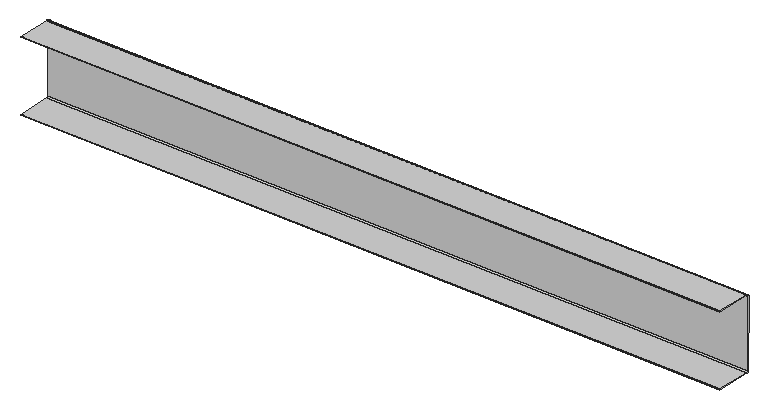
Revit family "BIMSF-SSMA-T(N)", category Structural Framing, Revit 2024
Family settings
  Section Shape = C Profile
  Material for Model Behavior = Steel
  Always export as geometry = No
  Always vertical = Yes
  Cut with Voids When Loaded = No
  Symbolic Representation = From Project Settings
  Shared = No
  Show family pre-cut in plan views = Yes
Parameters (values of type "Default")
  tf1 = 0' - 0"
  tf = 0' - 0.0329"
  Weight = 0.00 lbf/ft
  Structural Material [instance] = Metal - Steel - ASTM A992
  Short Tag = ""
  Reported Length [instance] = 5' - 0"
  Model = "V3"
  Long Tag = ""
  DimpleLine = 0' - 0"
  Assembly Code = "B10"
  Length [instance] = 5' - 0"
  bf = 0' - 3"
  d = 0' - 6"
  temp_tf = if(tf < 0' 0 1/32", 0' 0 1/32", tf)  # 0' - 0.0329"
Types (17): name | tf | Weight | d | temp_tf
  Default | 0' - 0.0329" | 0.00 lbf/ft | 0' - 6" | 0' - 0.0329"
  800T300-68 | 0' - 0.0677" | 1.41 lbf/ft | 0' - 8" | 0' - 0.0677"
  800T300-54 | 0' - 0.0538" | 1.132 lbf/ft | 0' - 8" | 0' - 0.0538"
  800T300-43 | 0' - 0.0428" | 0.79 lbf/ft | 0' - 8" | 0' - 0.0428"
  800T300-33 | 0' - 0.0329" | 0.718 lbf/ft | 0' - 8" | 0' - 0.0329"
  600T300-68 | 0' - 0.0677" | 1.41 lbf/ft | 0' - 6" | 0' - 0.0677"
  600T300-54 | 0' - 0.0538" | 1.132 lbf/ft | 0' - 6" | 0' - 0.0538"
  600T300-43 | 0' - 0.0428" | 0.79 lbf/ft | 0' - 6" | 0' - 0.0428"
  600T300-33 | 0' - 0.0329" | 0.718 lbf/ft | 0' - 6" | 0' - 0.0329"
  400T300-68 | 0' - 0.0677" | 1.41 lbf/ft | 0' - 4" | 0' - 0.0677"
  400T300-54 | 0' - 0.0538" | 1.132 lbf/ft | 0' - 4" | 0' - 0.0538"
  400T300-43 | 0' - 0.0428" | 0.79 lbf/ft | 0' - 4" | 0' - 0.0428"
  400T300-33 | 0' - 0.0329" | 0.718 lbf/ft | 0' - 4" | 0' - 0.0329"
  362T300-68 | 0' - 0.0677" | 1.41 lbf/ft | 0' - 3.62" | 0' - 0.0677"
  362T300-54 | 0' - 0.0538" | 1.132 lbf/ft | 0' - 3.62" | 0' - 0.0538"
  362T300-43 | 0' - 0.0428" | 0.79 lbf/ft | 0' - 3.62" | 0' - 0.0428"
  362T300-33 | 0' - 0.0329" | 0.718 lbf/ft | 0' - 3.62" | 0' - 0.0329"
Reference planes (in)
  plane 1 "Center (Front/Back)": y = 0
  plane 2: z = 0
  plane 3 "Center (Left/Right)": x = 0.1815
  plane 4 "Top": z = 3
  plane 5: z = -3
  plane 6 "Left": x = -29.8185
  plane 7 "Right": x = 30.1815
  plane 8: y = -1.5
  plane 9: y = 1.5
  plane 10: y = 1.4671
  plane 11: z = 2.9671
  plane 12: z = -2.9671
Forms (in)
  Extrusion 1, solid, material "Metal - Steel - ASTM A992" <- "Structural Material", detail levels medium
    sketch origin (-29.8185, 0.02734, 0.16016) x (0, -1, 0) y (0, 0, 1)
      loop
        line (1.52734, 2.83984) -> (-1.47266, 2.83984) -> (-1.47266, -3.16016) -> (1.52734, -3.16016) -> (1.52734, -3.12726) -> (-1.43976, -3.12726) -> (-1.43976, 2.80694) -> (1.52734, 2.80694) -> (1.52734, 2.83984)
    from -60 to 0
  Extrusion 2, solid, material "Metal - Steel - ASTM A992" <- "Structural Material", detail levels fine
    sketch origin (-29.8185, 0.55767, 0.69049) x (0, -1, 0) y (0, 0, 1)
      loop
        line (2.05767, 2.30951) -> (-0.80923, 2.30951)
        arc (-0.80923, 2.30951) -> (-0.902, 2.26918) -> (-0.94233, 2.17641) r 0.13798
        line (-0.94233, 2.17641) -> (-0.94233, -3.55739)
        arc (-0.94233, -3.55739) -> (-0.902, -3.65016) -> (-0.80923, -3.69049) r 0.13798
        line (-0.80923, -3.69049) -> (2.05767, -3.69049) -> (2.05767, -3.65759) -> (-0.80443, -3.65759)
        arc (-0.80443, -3.65759) -> (-0.87867, -3.62683) -> (-0.90943, -3.55259) r 0.105
        line (-0.90943, -3.55259) -> (-0.90943, 2.17161)
        arc (-0.90943, 2.17161) -> (-0.87867, 2.24586) -> (-0.80443, 2.27661) r 0.105
        line (-0.80443, 2.27661) -> (2.05767, 2.27661) -> (2.05767, 2.30951)
    from -60 to 0
Lines and regions (in)
  model lines, style "BIMSF.Framing", not visible, detail levels coarse
    curve 1: line (-29.8185, 0, 0) -> (30.1815, 0, 0)
Dimensions and locks (in)
  "d": plane 5 to plane 4 "Top"
  equal spacing: plane 5, plane 2, plane 4 "Top"
  "Length": plane 6 "Left" to plane 7 "Right"
  "bf": plane 9 to plane 8
  equal spacing: plane 9, plane 1 "Center (Front/Back)", plane 8
  "temp_tf": plane 4 "Top" to plane 11
  "temp_tf": plane 12 to plane 5
  "temp_tf": plane 9 to plane 10
  "Reported Length": Extrusion 1 to Extrusion 1
  aligned and locked: Extrusion 1 sketch curve to plane 4 "Top"
  aligned and locked: plane 8 to Extrusion 1 sketch curve  (x2)
  aligned and locked: Extrusion 1 sketch curve to plane 11
  aligned and locked: plane 10 to Extrusion 1 sketch curve
  aligned and locked: plane 12 to Extrusion 1 sketch curve
  aligned and locked: plane 5 to Extrusion 1 sketch curve
  aligned and locked: Extrusion 1 sketch curve to plane 9
  aligned and locked: plane 2 to level
  aligned and locked: Extrusion 1 to plane 7 "Right"
  aligned and locked: plane 6 "Left" to Extrusion 1
  aligned and locked: plane 1 "Center (Front/Back)" to curve 1
  aligned and locked: plane 6 "Left" to curve 1
  aligned and locked: plane 7 "Right" to curve 1
  aligned and locked: plane 8 to Extrusion 2  (x2)
  aligned and locked: plane 10 to Extrusion 2
  aligned and locked: Extrusion 2 to plane 9
  aligned and locked: Extrusion 2 to plane 11
  aligned and locked: Extrusion 2 to plane 4 "Top"
  aligned and locked: plane 5 to Extrusion 2
  aligned and locked: plane 12 to Extrusion 2
  aligned and locked: Extrusion 2 to plane 7 "Right"
  aligned and locked: plane 6 "Left" to Extrusion 2
Automatic sketch dimensions
  Extrusion 2 sketch curve to Extrusion 2 sketch curve = 0' - 0"  (x4)
  Extrusion 2 sketch curve to plane 9 = 0' - 0"
  Extrusion 2 sketch curve to plane 10 = 0' - 0"
  plane 5 to Extrusion 2 sketch curve = 0' - 0"
  plane 4 "Top" to Extrusion 2 sketch curve = 0' - 0"
  Extrusion 2 sketch curve to plane 11 = 0' - 0"
  Extrusion 2 sketch curve to plane 12 = 0' - 0"
  Extrusion 2 sketch curve to plane 8 = 0' - 0"  (x2)
  plane 10 to Extrusion 2 sketch curve = 0' - 0.1002"
  Extrusion 2 sketch curve to Extrusion 2 sketch curve = 0' - 0.0048"  (x2)
  plane 10 to Extrusion 2 sketch curve = 0' - 0.105"
Types in the file's own list only (16): name | tf | Weight | d | temp_tf
  362T300-33(N) | 0' - 0 1/32" | 0.72 lb/ft | 0' - 3 159/256" | 0' - 0 1/32"
  362T300-43(N) | 0' - 0 11/256" | 0.79 lb/ft | 0' - 3 159/256" | 0' - 0 11/256"
  362T300-54(N) | 0' - 0 7/128" | 1.13 lb/ft | 0' - 3 159/256" | 0' - 0 7/128"
  362T300-68(N) | 0' - 0 17/256" | 1.41 lb/ft | 0' - 3 159/256" | 0' - 0 17/256"
  400T300-33(N) | 0' - 0 1/32" | 0.72 lb/ft | 0' - 4" | 0' - 0 1/32"
  400T300-43(N) | 0' - 0 11/256" | 0.79 lb/ft | 0' - 4" | 0' - 0 11/256"
  400T300-54(N) | 0' - 0 7/128" | 1.13 lb/ft | 0' - 4" | 0' - 0 7/128"
  400T300-68(N) | 0' - 0 17/256" | 1.41 lb/ft | 0' - 4" | 0' - 0 17/256"
  600T300-33(N) | 0' - 0 1/32" | 0.72 lb/ft | 0' - 6" | 0' - 0 1/32"
  600T300-43(N) | 0' - 0 11/256" | 0.79 lb/ft | 0' - 6" | 0' - 0 11/256"
  600T300-54(N) | 0' - 0 7/128" | 1.13 lb/ft | 0' - 6" | 0' - 0 7/128"
  600T300-68(N) | 0' - 0 17/256" | 1.41 lb/ft | 0' - 6" | 0' - 0 17/256"
  800T300-33(N) | 0' - 0 1/32" | 0.72 lb/ft | 0' - 8" | 0' - 0 1/32"
  800T300-43(N) | 0' - 0 11/256" | 0.79 lb/ft | 0' - 8" | 0' - 0 11/256"
  800T300-54(N) | 0' - 0 7/128" | 1.13 lb/ft | 0' - 8" | 0' - 0 7/128"
  800T300-68(N) | 0' - 0 17/256" | 1.41 lb/ft | 0' - 8" | 0' - 0 17/256"
